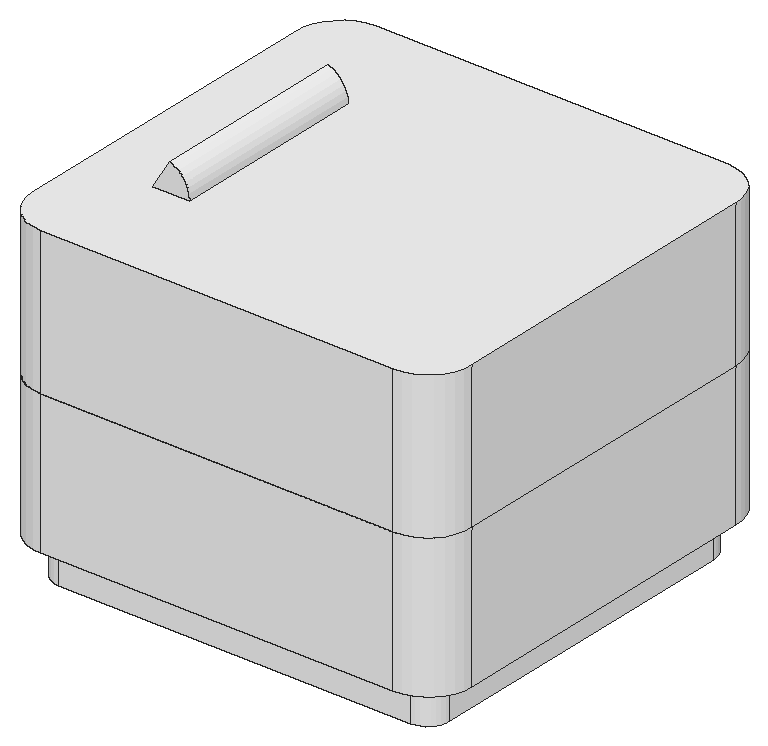
Revit family "Gira_078930", category Electrical Fixtures, host Face, Revit 2017
Family settings
  Host = Face
  Maintain Annotation Orientation = Yes
  Round Connector Dimension = Use Diameter
  Part Type = Normal
  Cut with Voids When Loaded = No
  Shared = No
  Room Calculation Point = No
Parameters (values of type "SCHUKO 3f waager. KD WG AP Grau")
  Überspannungsschutz = "No"
  Werkstoffgüte = "sonstige"
  Werkstoff = "sonstige"
  Verdrehter Zentraleinsatz = "No"
  URL = "http://katalog.gira.de/de_DE/datenblatt.html?artikelnr=078930"
  Transparent = "No"
  Textfeld/Beschriftungsfläche = "No"
  Sonderstromversorgung = "ohne Sonderstromversorgung"
  Schutzleiterkontakt rund = "No"
  Schutzkontakt = "Yes"
  Region = "DE"
  Oberfläche = "sonstige"
  Nennstrom = "16 Ampere"
  Nennspannung = "250 Volt"
  Name = "SCHUKO 3f waager. KD WG AP Grau"
  Montageart = "auf Putz"
  Mit erhöhtem Berührungsschutz = "No"
  Mit eingebauter USB-Spannungsversorgung = "No"
  Mit Signallampe = "No"
  Mit Orientierungsbeleuchtung = "No"
  Mit Klappdeckel = "Yes"
  Mit Funktionsbeleuchtung = "No"
  Mit Feinsicherung = "No"
  Mit Ein-/Ausschalter = "No"
  Mit Durchschleiffunktion = "No"
  Manufacturer URL = "https://www.gira.de/"
  Keynote = "IP44_Komplettgerät_Steckdose"
  Isolierter Einbau = "No"
  HeinzeBIM = "https://bimportal.heinze.de/bim/schuko-3f-waager-kd-wg-ap-grau/a586b5c699f2d419144623cd5fad47d07d67b4e0"
  Halogenfrei = "No"
  HAN = "078930"
  Geeignet für Schutzart (IP) = "IP44"
  GTIN = "4010337789307"
  Für "erschwerte Bedingungen" (nach VDE) = "No"
  Fehlerstromschutz = "No"
  Farbe = "grau"
  Default Elevation = 1219.2 mm
  Data sheet (1) = "https://katalog.gira.de/de_DE/download.html?artikelnr=078930"
  Category = "Steckdose"
  Befestigungsart = "Befestigung mit Schraube"
  Available = "Yes"
  Auswurfmechanismus = "No"
  Ausführung = "Schuko"
  Aufdruck/Kennzeichnung = "ohne Aufdruck"
  Anzahl der Steckdosen schaltbar = "0 "
  Anzahl der Module (bei Modulbauweise) = "1 "
  Anzahl der Einheiten = "3 "
  Antibakterielle Behandlung = "No"
  Anschlussart = "Steckklemme"
  Abschließbar = "No"
Reference planes
  plane 1 "Center (Front/Back)": y = 0
  plane 2: z = 0
  plane 3 "Center (Left/Right)": x = 0
Forms (mm)
  Extrusion 1, solid, material "White", detail levels fine
    sketch origin (41, 0, 0) x (1, 0, 0) y (0, 1, 0)
      loop
        line (-9, 38) -> (-73, 38)
        arc (-73, 38) -> (-78.657, 35.657) -> (-81, 30) r 8
        line (-81, 30) -> (-81, -30)
        arc (-81, -30) -> (-78.657, -35.657) -> (-73, -38) r 8
        line (-73, -38) -> (-9, -38)
        arc (-9, -38) -> (-3.343, -35.657) -> (-1, -30) r 8
        line (-1, -30) -> (-1, 30)
        arc (-1, 30) -> (-3.343, 35.657) -> (-9, 38) r 8
    from 0 to 26
  Extrusion 2, solid, material "White", detail levels fine
    sketch origin (41, 0, 0) x (1, 0, 0) y (0, 1, 0)
      loop
        line (-9, 38) -> (-73, 38)
        arc (-73, 38) -> (-78.657, 35.657) -> (-81, 30) r 8
        line (-81, 30) -> (-81, -30)
        arc (-81, -30) -> (-78.657, -35.657) -> (-73, -38) r 8
        line (-73, -38) -> (-9, -38)
        arc (-9, -38) -> (-3.343, -35.657) -> (-1, -30) r 8
        line (-1, -30) -> (-1, 30)
        arc (-1, 30) -> (-3.343, 35.657) -> (-9, 38) r 8
    from 26 to 52.5
  Extrusion 3, solid, material "White", detail levels fine
    sketch origin (41, 0, 0) x (1, 0, 0) y (0, 0, 1)
      loop
        line (-68.7, 52.5) -> (-62.067, 52.5)
        arc (-62.067, 52.5) -> (-63.019, 55.628) -> (-65.7, 57.5) r 5
        line (-65.7, 57.5) -> (-68.7, 52.5)
    from 18 to -18
  Extrusion 4, solid, material "White", detail levels medium
    sketch origin (41, -5.734, 0) x (1, 0, 0) y (0, 1, 0)
      loop
        line (-9, 43.734) -> (-73, 43.734)
        arc (-73, 43.734) -> (-78.657, 41.391) -> (-81, 35.734) r 8
        line (-81, 35.734) -> (-81, -24.266)
        arc (-81, -24.266) -> (-78.657, -29.923) -> (-73, -32.266) r 8
        line (-73, -32.266) -> (-9, -32.266)
        arc (-9, -32.266) -> (-3.343, -29.923) -> (-1, -24.266) r 8
        line (-1, -24.266) -> (-1, 35.734)
        arc (-1, 35.734) -> (-3.343, 41.391) -> (-9, 43.734) r 8
    from 0 to 52.5
  Extrusion 5, solid, material "White", detail levels medium
    sketch origin (41, 0, 0) x (1, 0, 0) y (0, 0, 1)
      loop
        line (-68.7, 57.5) -> (-68.7, 52.5) -> (-62.067, 52.5) -> (-62.067, 57.5) -> (-68.7, 57.5)
    from -18 to 18
  Extrusion 6, solid, material "White", detail levels coarse
    sketch origin (41, 0, 0) x (1, 0, 0) y (0, 1, 0)
      loop
        line (-1, 38) -> (-81, 38) -> (-81, -38) -> (-1, -38) -> (-1, 38)
    from -7 to 57.5
  Extrusion 7, solid, material "White", detail levels medium+fine
    sketch origin (41, 0, 0) x (1, 0, 0) y (0, 1, 0)
      loop
        line (-9, 34) -> (-73, 34)
        arc (-73, 34) -> (-75.828, 32.828) -> (-77, 30) r 4
        line (-77, 30) -> (-77, -30)
        arc (-77, -30) -> (-75.828, -32.828) -> (-73, -34) r 4
        line (-73, -34) -> (-9, -34)
        arc (-9, -34) -> (-6.172, -32.828) -> (-5, -30) r 4
        line (-5, -30) -> (-5, 30)
        arc (-5, 30) -> (-6.172, 32.828) -> (-9, 34) r 4
    from 0 to -7
Dimensions and locks
  Extrusion 6 to plane 3 "Center (Left/Right)" to Extrusion 6 = 40 mm, 40 mm
  aligned and locked: plane 2 to host face
  aligned and locked: level to host face
  aligned and locked: plane 3 "Center (Left/Right)" to nested 1
  aligned and locked: plane 1 "Center (Front/Back)" to nested 1
Nested families
  nested 1: "Steckdose 1-fach Beschriftung" at (0, 0, 0), type "Steckdose 1-fach Beschriftung"
Connectors
  electrical at (0, 0, -7)
    settings: on Extrusion 7, index 1, voltage 220 V, apparent load 0 VA, apparent load phase1 0 VA, apparent load phase2 0 VA, apparent load phase3 0 VA, power factor 1, load classification "Other", number of poles 1, system type 31, power factor state 1, is connector primary yes, connector utility no, sub classification motor no, connector description ""
Definition of nested family "Steckdose 1-fach Beschriftung"
  Reference planes
    plane 1: y = 0
    plane 2: x = 0
  Lines and regions (mm)
    detail lines
      curve 1: line (0, 0, 0) -> (0, 2, 0)
      curve 3: line (0, 2, 0) -> (-1, 2, 0)
      curve 4: arc (1, 3, 0) -> (0, 2, 0) -> (-1, 3, 0) r 1
      curve 5: line (0, 2, 0) -> (1, 2, 0)
    reference lines
      curve 2: line (-0.485, 3, 0) -> (2.315, 3, 0)
  Dimensions and locks
    curve 1 to curve 1 = 2 mm
    plane 1 to curve 2 = 3 mm
    curve 3 to curve 3 = 1 mm
